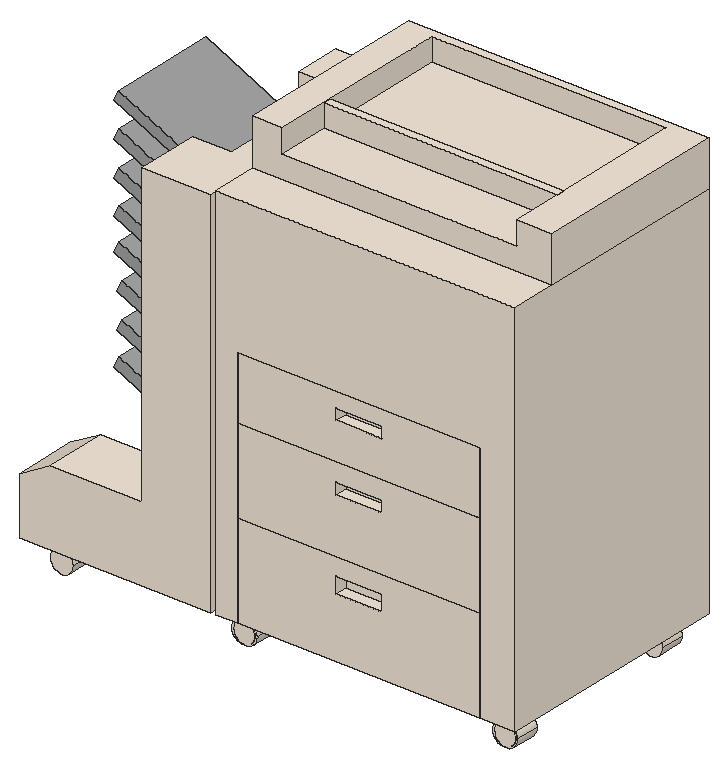
Revit family
Parameters
  Material Trays = Plastic - Gray,Dark
  Material Copier = Plastic - White
  Keynote = "N"
  Assembly Code = "E1010800"
Reference planes
  plane 1 "Center F/B": y = 24.669
  plane 2: z = 0
  plane 3 "Center L/R": x = -2.165
  plane 4: x = -332.365
  plane 5: x = 328.035
  plane 6: y = 291.369
  plane 7: y = -242.031
Forms (mm)
  Extrusion 1, solid, material "Plastic - White" <- "Material Copier"
    sketch origin (0, 0, 0) x (1, 0, 0) y (0, 1, 0)
      loop
        line (-332.365, 291.369) -> (-332.365, -242.031) -> (328.035, -242.031) -> (328.035, 291.369) -> (-332.365, 291.369)
    from 76.2 to 914.4
  Extrusion 2, solid, material "Plastic - White" <- "Material Copier"
    sketch origin (0, 0, 0) x (1, 0, 0) y (0, 1, 0)
      loop
        line (-332.365, 291.369) -> (-332.365, -139.905) -> (328.035, -139.905) -> (328.035, 291.369) -> (-332.365, 291.369)
    from 914.4 to 1016
  Extrusion 3, void
    sketch origin (0, 0, 0) x (1, 0, 0) y (0, 1, 0)
      loop
        line (-267.296, 271.111) -> (-267.296, -151.694) -> (249.314, -151.694) -> (249.314, 271.111) -> (-267.296, 271.111)
    from 965.2 to 1034.083
  Extrusion 4, void
    sketch origin (-332.365, -242.031, 914.4) x (0, 0, -1) y (1, 0, 0)
      loop
        line (838.2, 48.279) -> (838.2, 581.679) -> (304.8, 581.679) -> (304.8, 48.279) -> (838.2, 48.279)
    from 0 to -50.8
  Extrusion 5, solid, material "Plastic - White" <- "Material Copier"
    sketch origin (0, 24.669, 0) x (1, 0, 0) y (0, 0, 1)
      loop
        line (-284.086, 76.2) -> (249.314, 76.2) -> (249.314, 283.872) -> (-284.086, 283.872) -> (-284.086, 76.2)
    from 266.7 to 215.9
  Extrusion 6, solid, material "Plastic - White" <- "Material Copier"
    sketch origin (0, 24.669, 0) x (1, 0, 0) y (0, 0, 1)
      loop
        line (-284.086, 283.872) -> (249.314, 283.872) -> (249.314, 472.355) -> (-284.086, 472.355) -> (-284.086, 283.872)
    from 266.7 to 215.9
  Extrusion 7, solid, material "Plastic - White" <- "Material Copier"
    sketch origin (0, 24.669, 0) x (1, 0, 0) y (0, 0, 1)
      loop
        line (-284.086, 472.355) -> (249.314, 472.355) -> (249.314, 609.6) -> (-284.086, 609.6) -> (-284.086, 472.355)
    from 266.7 to 215.9
  Extrusion 8, void
    sketch origin (-332.365, -242.031, 914.4) x (0, 0, -1) y (1, 0, 0)
      loop
        line (335.541, 265.591) -> (360.941, 265.591) -> (360.941, 367.191) -> (335.541, 367.191) -> (335.541, 265.591)
      loop
        line (482.023, 265.591) -> (508, 265.591) -> (508, 367.191) -> (482.023, 367.191) -> (482.023, 265.591)
      loop
        line (667.858, 265.591) -> (703.29, 265.591) -> (703.29, 367.191) -> (667.858, 367.191) -> (667.858, 265.591)
    from 0 to -25.4
  Extrusion 9, solid, material "Plastic - White" <- "Material Copier"
    sketch origin (0, 0, 0) x (1, 0, 0) y (0, 1, 0)
      loop
        line (-267.296, -26.131) -> (249.314, -26.131) -> (249.314, -10.058) -> (-267.296, -10.058) -> (-267.296, -26.131)
    from 965.2 to 1016
  Extrusion 10, solid, material "Plastic - White"
    sketch origin (-12.481, 24.669, 0) x (1, 0, 0) y (0, 0, 1)
      loop
        circle (-294.149, 27.913) r 25.4
      loop
        circle (280.847, 27.913) r 25.4
    from 215.9 to 164.574
  Extrusion 11, solid, material "Plastic - White" <- "Material Copier"
    sketch origin (-18.107, 24.669, 0) x (1, 0, 0) y (0, 0, 1)
      loop
        circle (-294.149, 27.913) r 25.4
      loop
        circle (280.847, 27.913) r 25.4
    from 215.9 to 164.574
  Extrusion 12, solid, material "Plastic - White"
    sketch origin (-18.107, 431.069, 0) x (1, 0, 0) y (0, 0, 1)
      loop
        circle (-294.149, 27.913) r 25.4
      loop
        circle (280.847, 27.913) r 25.4
    from 215.9 to 164.574
  Extrusion 13, solid, material "Plastic - White" <- "Material Copier"
    sketch origin (0, 24.669, 0) x (1, 0, 0) y (0, 0, 1)
      loop
        line (-342.574, 76.2) -> (-342.574, 901.7) -> (-494.974, 901.7) -> (-494.974, 241.3) -> (-698.174, 241.3) -> (-764.165, 203.2) -> (-764.165, 76.2) -> (-342.574, 76.2)
    from -266.7 to 266.7
  Extrusion 14, solid, material "Plastic - White" <- "Material Copier"
    sketch origin (0, 24.669, 0) x (1, 0, 0) y (0, 0, 1)
      loop
        circle (-711.871, 26.067) r 25.4
    from 164.574 to 215.9
  Extrusion 15, solid, material "Plastic - White"
    sketch origin (0, 24.669, 0) x (1, 0, 0) y (0, 0, 1)
      loop
        circle (-711.871, 26.067) r 25.4
    from -246.442 to -190.5
  Extrusion 16, void
    sketch origin (0, 20.444, 0) x (1, 0, 0) y (0, 1, 0)
      loop
        line (-764.165, 169.325) -> (-764.165, -121.333) -> (-409.673, -121.333) -> (-409.673, 169.325) -> (-764.165, 169.325)
    from 0 to 914.4
  Extrusion 17, solid, material "Plastic - Gray,Dark" <- "Material Trays"
    sketch origin (0, 24.669, 0) x (1, 0, 0) y (0, 0, 1)
      loop
        line (-409.673, 635) -> (-681.654, 761.827) -> (-692.388, 738.807) -> (-409.673, 606.974) -> (-409.673, 635)
    from -142.985 to 96.837
  Extrusion 18, solid, material "Plastic - Gray,Dark" <- "Material Trays"
    sketch origin (0, 24.669, -76.2) x (1, 0, 0) y (0, 0, 1)
      loop
        line (-409.673, 635) -> (-681.654, 761.827) -> (-692.388, 738.807) -> (-409.673, 606.974) -> (-409.673, 635)
    from -142.985 to 96.837
  Extrusion 19, solid, material "Plastic - Gray,Dark" <- "Material Trays"
    sketch origin (0, 24.669, -146.05) x (1, 0, 0) y (0, 0, 1)
      loop
        line (-409.673, 635) -> (-681.654, 761.827) -> (-692.388, 738.807) -> (-409.673, 606.974) -> (-409.673, 635)
    from -142.985 to 96.837
  Extrusion 20, solid, material "Plastic - Gray,Dark" <- "Material Trays"
    sketch origin (0, 24.669, 76.2) x (1, 0, 0) y (0, 0, 1)
      loop
        line (-409.673, 635) -> (-681.654, 761.827) -> (-692.388, 738.807) -> (-409.673, 606.974) -> (-409.673, 635)
    from -142.985 to 96.837
  Extrusion 21, solid, material "Plastic - Gray,Dark" <- "Material Trays"
    sketch origin (0, 24.669, 152.4) x (1, 0, 0) y (0, 0, 1)
      loop
        line (-409.673, 635) -> (-681.654, 761.827) -> (-692.388, 738.807) -> (-409.673, 606.974) -> (-409.673, 635)
    from -142.985 to 96.837
  Extrusion 22, solid, material "Plastic - Gray,Dark" <- "Material Trays"
    sketch origin (6.641, 24.669, -221.96) x (1, 0, 0) y (0, 0, 1)
      loop
        line (-416.314, 638.097) -> (-681.654, 761.827) -> (-692.388, 738.807) -> (-416.314, 610.071) -> (-416.314, 638.097)
    from -142.985 to 96.837
  Extrusion 23, solid, material "Plastic - Gray,Dark" <- "Material Trays"
    sketch origin (6.641, 24.669, -298.16) x (1, 0, 0) y (0, 0, 1)
      loop
        line (-416.314, 638.097) -> (-681.654, 761.827) -> (-692.388, 738.807) -> (-416.314, 610.071) -> (-416.314, 638.097)
    from -142.985 to 96.837
  Extrusion 24, solid, material "Plastic - Gray,Dark" <- "Material Trays"
    sketch origin (0, 24.669, -374.07) x (1, 0, 0) y (0, 0, 1)
      loop
        line (-409.673, 635) -> (-681.654, 761.827) -> (-692.388, 738.807) -> (-409.673, 606.974) -> (-409.673, 635)
    from -142.985 to 96.837
Cuts and joins
  Extrusion 3, Extrusion 4, Extrusion 8, Extrusion 16 cuts Extrusion 1
  Extrusion 3, Extrusion 4, Extrusion 8, Extrusion 16 cuts Extrusion 2
  Extrusion 8, Extrusion 16 cuts Extrusion 5
  Extrusion 8, Extrusion 16 cuts Extrusion 6
  Extrusion 8, Extrusion 16 cuts Extrusion 7
  Extrusion 16 cuts Extrusion 9
  Extrusion 16 cuts Extrusion 10
  Extrusion 16 cuts Extrusion 11
  Extrusion 16 cuts Extrusion 12
  Extrusion 16 cuts Extrusion 13
  Extrusion 16 cuts Extrusion 14
  Extrusion 16 cuts Extrusion 15
Lines and regions (mm)
  Masking region 1
    outline origin (0, 0, 0) x (1, 0, 0) y (0, 1, 0)
      loop
        line (-409.673, 189.769) -> (-409.673, 167.654) -> (-692.388, 167.654) -> (-692.388, -72.169) -> (-409.673, -72.169) -> (-409.673, -100.889) -> (-764.165, -100.889) -> (-764.165, -242.031) -> (328.035, -242.031) -> (328.035, 291.369) -> (-764.165, 291.369) -> (-764.165, 189.769) -> (-409.673, 189.769)
  symbolic lines
    curve 1: line (328.035, 291.369, 0) -> (-332.365, 291.369, 0)
    curve 2: line (-332.365, -139.905, 0) -> (328.035, -139.905, 0)
    curve 3: line (328.035, -242.031, 0) -> (328.035, 291.369, 0)
    curve 4: line (-332.365, 291.369, 0) -> (-332.365, -242.031, 0)
    curve 5: line (-332.365, -242.031, 0) -> (328.035, -242.031, 0)
    curve 6: line (-342.574, -242.031, 0) -> (-342.574, 291.369, 0)
    curve 7: line (-342.574, 291.369, 0) -> (-764.165, 291.369, 0)
    curve 8: line (-764.165, 291.369, 0) -> (-764.165, 189.769, 0)
    curve 9: line (-409.673, 189.769, 0) -> (-764.165, 189.769, 0)
    curve 10: line (-409.673, -100.889, 0) -> (-409.673, 189.769, 0)
    curve 11: line (-764.165, -100.889, 0) -> (-409.673, -100.889, 0)
    curve 12: line (-764.165, -242.031, 0) -> (-342.574, -242.031, 0)
    curve 13: line (-764.165, -100.889, 0) -> (-764.165, -242.031, 0)
  symbolic lines, detail levels medium+fine
    curve 14: line (-409.673, 167.654, 0) -> (-692.388, 167.654, 0)
    curve 15: line (-692.388, -72.169, 0) -> (-692.388, 167.654, 0)
    curve 16: line (-692.388, -72.169, 0) -> (-409.673, -72.169, 0)
    curve 17: line (-267.296, 271.111, 0) -> (-267.296, -139.905, 0)
    curve 18: line (249.314, 271.111, 0) -> (-267.296, 271.111, 0)
    curve 19: line (249.314, -139.905, 0) -> (249.314, 271.111, 0)
  symbolic lines, detail levels fine
    curve 20: line (-698.174, 291.369, 0) -> (-698.174, 189.769, 0)
    curve 21: line (-494.974, 291.369, 0) -> (-494.974, 189.769, 0)
    curve 22: line (-698.174, -100.889, 0) -> (-698.174, -242.031, 0)
    curve 23: line (-267.296, -26.131, 0) -> (249.314, -26.131, 0)
    curve 24: line (249.314, -10.058, 0) -> (-267.296, -10.058, 0)
    curve 25: line (-494.974, -100.889, 0) -> (-494.974, -242.031, 0)
Dimensions and locks
  aligned and locked: curve 1 to cut or joined group of Extrusion 2, Extrusion 3, Extrusion 4, Extrusion 8, Extrusion 16
  aligned and locked: curve 2 to cut or joined group of Extrusion 2, Extrusion 3, Extrusion 4, Extrusion 8, Extrusion 16
  aligned and locked: curve 3 to cut or joined group of Extrusion 1, Extrusion 3, Extrusion 4, Extrusion 8, Extrusion 16
  aligned and locked: curve 4 to cut or joined group of Extrusion 1, Extrusion 3, Extrusion 4, Extrusion 8, Extrusion 16
  aligned and locked: curve 5 to cut or joined group of Extrusion 1, Extrusion 3, Extrusion 4, Extrusion 8, Extrusion 16
  aligned and locked: curve 6 to cut or joined group of Extrusion 13, Extrusion 16
  aligned and locked: curve 7 to cut or joined group of Extrusion 13, Extrusion 16
  aligned and locked: curve 8 to cut or joined group of Extrusion 13, Extrusion 16
  aligned and locked: curve 9 to cut or joined group of Extrusion 13, Extrusion 16
  aligned and locked: curve 10 to cut or joined group of Extrusion 13, Extrusion 16
  aligned and locked: curve 11 to cut or joined group of Extrusion 13, Extrusion 16
  aligned and locked: curve 12 to cut or joined group of Extrusion 13, Extrusion 16
  aligned and locked: curve 14 to Extrusion 21
  aligned and locked: curve 15 to Extrusion 21
  aligned and locked: curve 16 to Extrusion 21
  aligned and locked: curve 17 to cut or joined group of Extrusion 2, Extrusion 3, Extrusion 4, Extrusion 8, Extrusion 16
  aligned and locked: curve 18 to cut or joined group of Extrusion 2, Extrusion 3, Extrusion 4, Extrusion 8, Extrusion 16
  aligned and locked: curve 19 to cut or joined group of Extrusion 2, Extrusion 3, Extrusion 4, Extrusion 8, Extrusion 16
  aligned and locked: curve 20 to cut or joined group of Extrusion 13, Extrusion 16
  aligned and locked: curve 21 to cut or joined group of Extrusion 13, Extrusion 16
  aligned and locked: curve 22 to cut or joined group of Extrusion 13, Extrusion 16
  aligned and locked: curve 23 to cut or joined group of Extrusion 9, Extrusion 16
  aligned and locked: curve 24 to cut or joined group of Extrusion 9, Extrusion 16
  aligned and locked: Masking region 1 sketch curve to cut or joined group of Extrusion 13, Extrusion 16  (x6)
  aligned and locked: Masking region 1 sketch curve to Extrusion 21  (x2)
  aligned and locked: Masking region 1 sketch curve to curve 15
  aligned and locked: Masking region 1 sketch curve to cut or joined group of Extrusion 2, Extrusion 3, Extrusion 4, Extrusion 8, Extrusion 16
